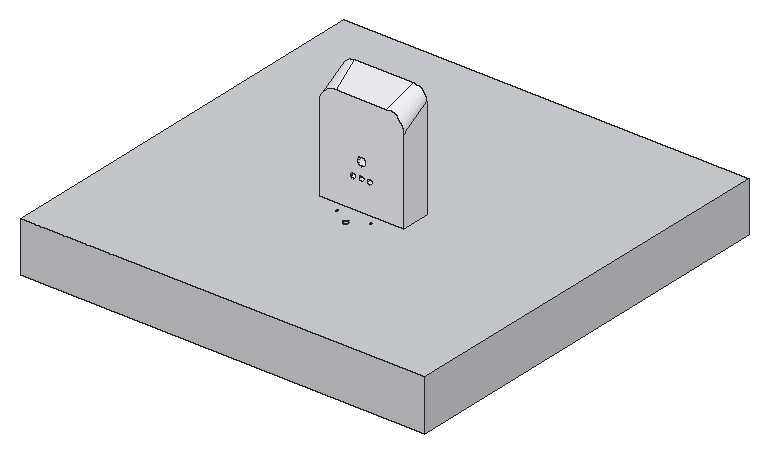
Revit family
Parameters (values of type "9141.011")
  Waste Connection = yes
  WFU = 0
  Vent Connection = no
  URL = "http://www.americanstandard-us.com"
  Sink Material = Vitreous China
  Revised Date = "09/12/2011"
  Product URL = "http://www.americanstandard-us.com/products/productDetail.aspx?id=107"
  Phone # = "416-250-5656"
  Model = "9141.011"
  Manufacturer = "American Standard"
  HWFU = 0
  HW Connection = yes
  Designed By = "ATS BIM Team"
  Description = "Wheelchair Users Lavatory"
  Default Elevation = 2' - 10"
  CWFU = 0
  CW Connection = yes
  Assembly Code = "D2010310"
Reference planes (in)
  plane 1 "Center (Front/Back)": y = 0
  plane 2: z = 0
  plane 3 "Center (Left/Right)": x = 0
  plane 4: z = 27
  plane 5: x = 10
  plane 6: x = -10
  plane 7: z = 24
  plane 8 "Drain Location": z = 10.75
  plane 9: x = 7.5
  plane 10: x = -7.5
  plane 11: z = 9
  plane 12: y = -3
  plane 13: y = -6.625
  plane 14: z = 7.125
  plane 15: x = 2
  plane 16: x = -2
  plane 17: y = -3.3125
  plane 18: y = -11.4375
  plane 19: y = -9
  plane 20: x = 4
  plane 21: x = -4
Forms (in)
  Extrusion 1, solid
    sketch origin (0, 0, 0) x (1, 0, 0) y (0, 1, 0)
      loop
        line (-48, 48) -> (-48, -48) -> (48, -48) -> (48, 48) -> (-48, 48)
    from 0 to -12
  SweptBlend 2, solid, material "Vitreous China" <- "Sink Material"
    path origin (0, 0, 0) x (1, 0, 0) y (0, 1, 0)
      loop
        line (0, 0) -> (0, -6.625)
    profile origin (0, 0, 0) x (1, 0, 0) y (0, 0, 1)
      loop
        line (-10, 0) -> (10, 0) -> (10, 24)
        arc (10, 24) -> (9.12132, 26.12132) -> (7, 27) r 3
        line (7, 27) -> (-7, 27)
        arc (-7, 27) -> (-9.12132, 26.12132) -> (-10, 24) r 3
        line (-10, 24) -> (-10, 0)
    end profile origin (0, -6.625, 0) x (1, 0, 0) y (0, 0, 1)
      loop
        line (-10, 0) -> (10, 0) -> (10, 20)
        arc (10, 20) -> (8.82843, 22.82843) -> (6, 24) r 4
        line (6, 24) -> (-6, 24)
        arc (-6, 24) -> (-8.82843, 22.82843) -> (-10, 20) r 4
        line (-10, 20) -> (-10, 0)
  SweptBlend 3, void
    path origin (0, 0, 0) x (1, 0, 0) y (0, 1, 0)
      loop
        line (0, 0) -> (0, -3)
    profile origin (0, 0, 0) x (1, 0, 0) y (0, 0, 1)
      loop
        line (6.72869, 24) -> (-6.72869, 24)
        arc (-6.72869, 24) -> (-7.26896, 23.7702) -> (-7.47815, 23.22162) r 0.75
        arc (-7.47815, 23.22162) -> (-6.95447, 18.12365) -> (-5.77922, 13.13543) r 39.74832
        arc (-5.77922, 13.13543) -> (0, 8.85541) -> (5.77922, 13.13543) r 6.04179
        arc (5.77922, 13.13543) -> (6.95447, 18.12365) -> (7.47815, 23.22162) r 39.74832
        arc (7.47815, 23.22162) -> (7.26896, 23.7702) -> (6.72869, 24) r 0.75
    end profile origin (0, -3, 0) x (1, 0, 0) y (0, 0, 1)
      loop
        arc (6.85137, 22.51573) -> (6.69551, 22.85072) -> (6.35218, 22.98723) r 0.5
        line (6.35218, 22.98723) -> (-6.35218, 22.98723)
        arc (-6.35218, 22.98723) -> (-6.69551, 22.85072) -> (-6.85137, 22.51573) r 0.5
        arc (-6.85137, 22.51573) -> (-6.71894, 17.80477) -> (-5.79009, 13.18438) r 27.70929
        arc (-5.79009, 13.18438) -> (0, 8.84063) -> (5.79009, 13.18438) r 6.03088
        arc (5.79009, 13.18438) -> (6.71894, 17.80477) -> (6.85137, 22.51573) r 27.70929
  Extrusion 4, void
    sketch origin (0, -3, 22.51573) x (0, 0, 1) y (1, 0, 0)
      loop
        circle (-11.76573, 0) r 1
    from 0 to -3.625
  Extrusion 5, void
    sketch origin (0, 0, 0) x (-1, 0, 0) y (0, 0, 1)
      loop
        circle (-2, 7.125) r 0.625
      loop
        circle (0, 7.125) r 0.625
      loop
        circle (2, 7.125) r 0.625
    from 0 to -6.625
  Extrusion 6, solid, material "Polished Chrome"
    sketch origin (0, 0, 0) x (1, 0, 0) y (0, 1, 0)
      loop
        circle (4, -9) r 0.1875
      loop
        circle (0, -11.4375) r 0.625
      loop
        circle (-4, -9) r 0.1875
    from 0 to -0.25
Cuts and joins
  SweptBlend 3, Extrusion 4, Extrusion 5 cuts SweptBlend 2
Dimensions and locks (in)
  locked: plane 12 to plane 1 "Center (Front/Back)" at 3
  locked: plane 17 to plane 1 "Center (Front/Back)" at 3.3125
  plane 16 to plane 3 "Center (Left/Right)" to plane 15 = 0' - 2" locked, 0' - 2" locked
  locked: plane 18 to plane 1 "Center (Front/Back)" at 11.4375
  locked: plane 19 to plane 1 "Center (Front/Back)" at 9
  locked: plane 18 to Extrusion 6 sketch curve at 0
  locked: plane 3 "Center (Left/Right)" to Extrusion 6 sketch curve at 0
  locked: plane 20 to Extrusion 6 sketch curve at 0
  locked: Extrusion 6 sketch curve to plane 21 at 0
  locked: plane 19 to Extrusion 6 sketch curve at 0  (x2)
  locked: plane 2 to Extrusion 6 at 0.25
  locked: Extrusion 6 sketch curve to Extrusion 6 sketch curve (radius 0' - 0 5/8")
  locked: Extrusion 6 sketch curve to Extrusion 6 sketch curve (radius 0' - 0 3/16")  (x2)
  aligned and locked: plane 2 to Extrusion 1
  aligned and locked: level to Extrusion 1
  aligned and locked: plane 12 to cut or joined group of SweptBlend 2, SweptBlend 3, Extrusion 4, Extrusion 5
  aligned and locked: plane 13 to cut or joined group of SweptBlend 2, SweptBlend 3, Extrusion 4, Extrusion 5
  aligned and locked: cut or joined group of SweptBlend 2, SweptBlend 3, Extrusion 4, Extrusion 5 to plane 12
  aligned and locked: Extrusion 5 to plane 1 "Center (Front/Back)"
  aligned and locked: SweptBlend 2 to Extrusion 5
  aligned and locked: plane 2 to Extrusion 6
Connectors (in)
  piping at (0, -11.4375, 0), driven by "WFU"
    settings: on Extrusion 6, index 1
  piping at (-4, -9, 0), driven by "HWFU"
    settings: on Extrusion 6, index 2
  piping at (4, -9, 0), driven by "CWFU"
    settings: on Extrusion 6, index 3
